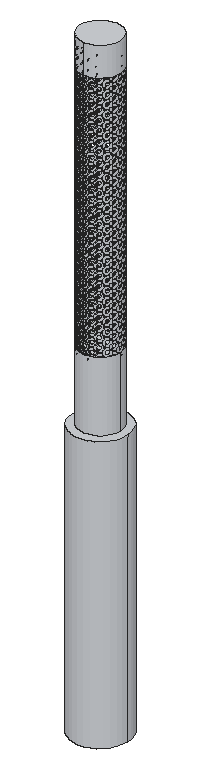
Revit family "MR_ОсветительныйПрибор_Ego_Боллард", category Осветительные приборы, Revit 2020
Family settings
  Размер круглого соединителя = Использовать диаметр
  Тип детали = Нормальный
  На основе рабочей плоскости = Да
  Всегда вертикально = Да
  При загрузке вырезать с полостями = Нет
  Источник света = Да
  Общий = Да
  Точка расчета площади = Нет
Parameters (values of type "Ego_Боллард_1900mm_4000k")
  built-in parameter 1150104 = 13.8 (stored number, unit not read)
  built-in parameter 1150134 = 12
  Файл фотометрической сетки = "P864674NCNW.ies"
  Tilt Angle = 90.00°
  built-in parameter 1150137 = (empty or 0)
  built-in parameter 1150132 = 2
  built-in parameter 1150114 = 1 (stored number, unit not read)
  Dimming Lamp Color Temperature Shift = (empty or 0)
  built-in parameter 1150105 = 1239.3 (stored number, unit not read)
  Color Filter = 16777215
  Lumens = 1609 lm
  Самосветящий материал = Источник света по умолчанию
  built-in parameter 1150109 = 1 (stored number, unit not read)
  built-in parameter 1150112 = 1 (stored number, unit not read)
  built-in parameter 1150110 = 1 (stored number, unit not read)
  built-in parameter 1150113 = 1 (stored number, unit not read)
  built-in parameter 1150115 = 1 (stored number, unit not read)
  built-in parameter 1114218 = 1 (stored number, unit not read)
  built-in parameter 1114217 = 1 (stored number, unit not read)
  Apparent Load = ADSK_Номинальная мощность / ADSK_Коэффициент мощности  # 13.2653 VA
  Default Elevation = 1219.2 mm
  built-in parameter 1150106 = 12.393 (stored number, unit not read)
  Описание = "Ego боллард"  # constant formula
  НижнийБлок = ADSK_Размер_Высота / 5  # 380 mm
  built-in parameter 1150133 = 10 (stored number, unit not read)
  Wattage = 10.832 W
  built-in parameter 1150139 = (empty or 0)
  Климатическая зона = "УХЛ1"  # constant formula
  Класс Защиты = "I"  # constant formula
  built-in parameter 1150138 = (empty or 0)
  built-in parameter 1150107 = 4000 (stored number, unit not read)
  built-in parameter 1150102 = (empty or 0)
  Emit from Circle Diameter = 30 mm
  Закладной элемент тип 5 370х370х400 = no
  Закладной элемент тип 1 L_500мм = no
  Закладной элемент тип 1 L_1500мм = yes
  Группа модели = "Ego"  # constant formula
  Видимая форма излучения при визуализации = yes
  Боллард_1900mm = yes
  IP Class = "IP65"  # constant formula
  ADSK_Этаж = ""
  ADSK_Ток = ADSK_Номинальная мощность / (ADSK_Коэффициент мощности * ADSK_Напряжение * sqrt(ADSK_Количество фаз числовое))  # 0.0576752 A
  ADSK_Размер_Высота = 1900 mm
  ADSK_Примечание = ""
  ADSK_Полная мощность = ADSK_Номинальная мощность / ADSK_Коэффициент мощности  # 13.2653 VA
  ADSK_Позиция = ""
  ADSK_Номинальная мощность = 13 W
  ADSK_Напряжение = 230 V
  ADSK_Наименование = "Ego_Боллард_1900mm_4000k"
  ADSK_Материал = none
  ADSK_Масса = 20
  ADSK_Марка = ""
  ADSK_Коэффициент мощности = 0.98
  ADSK_Количество фаз числовое = 1
  ADSK_Количество фаз = 1
  ADSK_Количество = 1  # constant formula
  ADSK_Код изделия = "P864674__NW"
  ADSK_Классификация нагрузок = Освещение
  ADSK_Завод-изготовитель = "MartiniRUS"  # constant formula
  ADSK_Единица измерения = "шт."  # constant formula
  ADSK_Группирование = "Наружное освещение_светильник"
  ADSK_URL страницы изделия = "https://martinirus.ru/products/outdoor/ego"
Types (5, lengths in mm): name | built-in parameter 1150134 | Файл фотометрической сетки | built-in parameter 1150105 | Lumens | built-in parameter 1150106 | НижнийБлок | Wattage | built-in parameter 1150107 | Закладной элемент тип 1 L_500мм | Закладной элемент тип 1 L_1500мм | Боллард_1900mm | ADSK_Размер_Высота | ADSK_Наименование | ADSK_Масса | ADSK_Код изделия
  (no name) | 12 | "P864674NCNW.ies" | 1239.3 (stored number, unit not read) | 1609 lm | 12.393 (stored number, unit not read) | 380 | 10.832 W | 4000 (stored number, unit not read) | no | yes | yes | 1900 | "Ego_Боллард_1900mm_4000k" | 20 | "P864674__NW"
  Ego_Боллард_1900mm_3000k | (empty or 0) | "P864674NCWW.ies" | 1239.3 (stored number, unit not read) | 1555 lm | 12.393 (stored number, unit not read) | 380 | 10.4684 W | 3000 (stored number, unit not read) | no | yes | yes | 1900 | "Ego_Боллард_1900mm_3000k" | 20 | "P864674__WW"
  Ego_Боллард_1900mm_4000k | 12 | "P864674NCNW.ies" | 1239.3 (stored number, unit not read) | 1609 lm | 12.393 (stored number, unit not read) | 380 | 10.832 W | 4000 (stored number, unit not read) | no | yes | yes | 1900 | "Ego_Боллард_1900mm_4000k" | 20 | "P864674__NW"
  Ego_Боллард_800mm_4000k | 12 | "P864687NCNW.ies" | 1239.3 (stored number, unit not read) | 1609 lm | 12.393 (stored number, unit not read) | 160 | 10.832 W | 4000 (stored number, unit not read) | yes | no | no | 800 | "Ego_Боллард_800mm_4000k" | 10 | "P864687__NW"
  Ego_Боллард_800mm_3000k | (empty or 0) | "P864687NCWW.ies" | 1197.7 (stored number, unit not read) | 1555 lm | 11.977 (stored number, unit not read) | 160 | 10.4684 W | 3000 (stored number, unit not read) | yes | no | no | 800 | "Ego_Боллард_800mm_3000k" | 10 | "P864687__WW"
Reference planes
  plane 1 "По центру (Вперед/Назад)": y = 0
  plane 2: z = 0
  plane 3 "По центру (Влево/Вправо)": x = 0
  plane 4: z = 1900
  plane 5 "отступ": z = 380
Forms (mm)
  Extrusion 1, solid, material <- "ADSK_Материал"
    sketch origin (0, 0, 0) x (1, 0, 0) y (0, 1, 0)
      loop
        circle (0, 0) r 109.5
    from 0 to 380
  Extrusion 2, solid, material <- "ADSK_Материал"
    sketch origin (0, 110.952, 1900) x (0, 1, 0) y (-1, 0, 0)
      loop
        circle (-110.952, 0) r 109.5
    from -157.502 to 0
Dimensions and locks
  "ADSK_Размер_Высота": plane 4 to level
  plane 4 to plane 2 = 1900 mm
  locked: plane 4 to imposter light at 203.749
  plane 5 "отступ" to level = 380 mm
  "НижнийБлок": plane 5 "отступ" to level
  aligned and locked: level to plane 2
  aligned and locked: plane 5 "отступ" to Extrusion 1
Automatic sketch dimensions
  plane 1 "По центру (Вперед/Назад)" to Extrusion 1 sketch curve = 0 mm
  Extrusion 1 sketch curve to plane 3 "По центру (Влево/Вправо)" = 0 mm
  plane 1 "По центру (Вперед/Назад)" to Extrusion 2 sketch curve = 0 mm
  Extrusion 2 sketch curve to plane 3 "По центру (Влево/Вправо)" = 0 mm
  radius of Extrusion 1 sketch curve = 109.5 mm
  radius of Extrusion 2 sketch curve = 109.5 mm
Nested families
  nested 1: "MR_Корпус_Ego_Формообразующее_Узор3" at (0, 0, 350), Узор <- "ADSK_Материал", type "MR_Корпус_Ego_Формообразующее_Узор3"
    with Узор none, Default Elevation 0 mm
  nested 2: "MR_Аксессуар_Закладные" at (0, 0, 0), ADSK_Позиция <- "ADSK_Позиция", visible <- "Закладной элемент тип 1 L_500мм", type "ЗакладнойЭлемент_тип1_H500mm"
    with ADSK_Позиция ""
  nested 3: "MR_Аксессуар_Закладные" at (0, 0, 0), ADSK_Позиция <- "ADSK_Позиция", visible <- "Закладной элемент тип 1 L_1500мм", type "ЗакладнойЭлемент_тип1_H1500mm"
    with ADSK_Позиция ""
  nested 4: "MR_Аксессуар_Закладные" at (0, 0, 0), ADSK_Позиция <- "ADSK_Позиция", visible <- "Закладной элемент тип 5 370х370х400", type "ЗакладнойЭлемент_тип5_370х370х400"
    with ADSK_Позиция ""
  nested 5: "MR_Корпус_Ego_Формообразующее_Узор3" at (0, 0, 850.599), Узор <- "ADSK_Материал", visible <- "Боллард_1900mm", type "MR_Корпус_Ego_Формообразующее_Узор3"
    with Узор none, Default Elevation 0 mm
  nested 6: "MR_Корпус_Ego_Формообразующее_Узор3" at (0, 0, 1357.209), Узор <- "ADSK_Материал", visible <- "Боллард_1900mm", type "MR_Корпус_Ego_Формообразующее_Узор3"
    with Узор none, Default Elevation 0 mm
Connectors
  electrical at (0, 0, 0), driven by "ADSK_Количество фаз", driven by "ADSK_Классификация нагрузок", driven by "ADSK_Напряжение", driven by "ADSK_Полная мощность", driven by "ADSK_Коэффициент мощности"
    settings: index 1, voltage 230 V, apparent load 0 VA, apparent load phase1 13.2653 VA, apparent load phase2 0 VA, apparent load phase3 0 VA, power factor 0.98, load classification "Освещение", number of poles 1, system type 31, power factor state 1, is connector primary yes, connector utility no, sub classification motor no, connector description ""
Definition of nested family "MR_Корпус_Ego_Формообразующее_Узор3"
  Parameters (values of type "MR_Корпус_Ego_Формообразующее_Узор3")
    Узор [instance] = none
    Default Elevation = 1219.2 mm
  Reference planes
    plane 1 "По центру (Вперед/Назад)": y = 0
    plane 2: z = 0
    plane 3 "По центру (Влево/Вправо)": x = 0
    plane 4: z = 500
  Forms (mm)
    Extrusion 1, solid, material <- "Узор"
      sketch origin (0, 0, 0) x (1, 0, 0) y (0, 0, 1)
        loop
          circle (0, 176.063) r 12.559
        loop
          circle (0, 176.063) r 21.559
        loop
          circle (0, 126.063) r 12.559
        loop
          circle (0, 126.063) r 21.559
        loop
          circle (0, 76.063) r 12.559
        loop
          circle (0, 76.063) r 21.559
        loop
          circle (0, 26.063) r 12.559
        loop
          circle (0, 26.063) r 21.559
        loop
          circle (0, 326.063) r 12.559
        loop
          circle (0, 326.063) r 21.559
        loop
          circle (0, 276.063) r 12.559
        loop
          circle (0, 276.063) r 21.559
        loop
          circle (0, 226.063) r 12.559
        loop
          circle (0, 226.063) r 21.559
        loop
          circle (0, 476.063) r 12.559
        loop
          circle (0, 476.063) r 21.559
        loop
          circle (0, 426.063) r 12.559
        loop
          circle (0, 426.063) r 21.559
        loop
          circle (0, 376.063) r 12.559
        loop
          circle (0, 376.063) r 21.559
      from 104.688 to 105.772
    Extrusion 2, solid, material <- "Узор"
      sketch origin (0, 0, 25) x (0.957078, -0.28983, 0) y (0, 0, 1)
        loop
          circle (0, 176.063) r 12.559
        loop
          circle (0, 176.063) r 21.559
        loop
          circle (0, 126.063) r 12.559
        loop
          circle (0, 126.063) r 21.559
        loop
          circle (0, 76.063) r 12.559
        loop
          circle (0, 76.063) r 21.559
        loop
          circle (0, 26.063) r 12.559
        loop
          circle (0, 26.063) r 21.559
        loop
          circle (0, 326.063) r 12.559
        loop
          circle (0, 326.063) r 21.559
        loop
          circle (0, 276.063) r 12.559
        loop
          circle (0, 276.063) r 21.559
        loop
          circle (0, 226.063) r 12.559
        loop
          circle (0, 226.063) r 21.559
        loop
          circle (0, 476.063) r 12.559
        loop
          circle (0, 476.063) r 21.559
        loop
          circle (0, 426.063) r 12.559
        loop
          circle (0, 426.063) r 21.559
        loop
          circle (0, 376.063) r 12.559
        loop
          circle (0, 376.063) r 21.559
      from 104.688 to 105.772
    Extrusion 3, solid, material <- "Узор"
      sketch origin (0, 0, 0) x (0.809017, -0.587785, 0) y (0, 0, 1)
        loop
          circle (0, 176.063) r 12.559
        loop
          circle (0, 176.063) r 21.559
        loop
          circle (0, 126.063) r 12.559
        loop
          circle (0, 126.063) r 21.559
        loop
          circle (0, 76.063) r 12.559
        loop
          circle (0, 76.063) r 21.559
        loop
          circle (0, 26.063) r 12.559
        loop
          circle (0, 26.063) r 21.559
        loop
          circle (0, 326.063) r 12.559
        loop
          circle (0, 326.063) r 21.559
        loop
          circle (0, 276.063) r 12.559
        loop
          circle (0, 276.063) r 21.559
        loop
          circle (0, 226.063) r 12.559
        loop
          circle (0, 226.063) r 21.559
        loop
          circle (0, 476.063) r 12.559
        loop
          circle (0, 476.063) r 21.559
        loop
          circle (0, 426.063) r 12.559
        loop
          circle (0, 426.063) r 21.559
        loop
          circle (0, 376.063) r 12.559
        loop
          circle (0, 376.063) r 21.559
      from 104.688 to 105.772
    Extrusion 4, solid, material <- "Узор"
      sketch origin (0, 0, 25) x (0.603935, -0.797034, 0) y (0, 0, 1)
        loop
          circle (0, 176.063) r 12.559
        loop
          circle (0, 176.063) r 21.559
        loop
          circle (0, 126.063) r 12.559
        loop
          circle (0, 126.063) r 21.559
        loop
          circle (0, 76.063) r 12.559
        loop
          circle (0, 76.063) r 21.559
        loop
          circle (0, 26.063) r 12.559
        loop
          circle (0, 26.063) r 21.559
        loop
          circle (0, 326.063) r 12.559
        loop
          circle (0, 326.063) r 21.559
        loop
          circle (0, 276.063) r 12.559
        loop
          circle (0, 276.063) r 21.559
        loop
          circle (0, 226.063) r 12.559
        loop
          circle (0, 226.063) r 21.559
        loop
          circle (0, 476.063) r 12.559
        loop
          circle (0, 476.063) r 21.559
        loop
          circle (0, 426.063) r 12.559
        loop
          circle (0, 426.063) r 21.559
        loop
          circle (0, 376.063) r 12.559
        loop
          circle (0, 376.063) r 21.559
      from 104.688 to 105.772
    Extrusion 5, solid, material <- "Узор"
      sketch origin (0, 0, 0) x (0.309017, -0.951057, 0) y (0, 0, 1)
        loop
          circle (0, 176.063) r 12.559
        loop
          circle (0, 176.063) r 21.559
        loop
          circle (0, 126.063) r 12.559
        loop
          circle (0, 126.063) r 21.559
        loop
          circle (0, 76.063) r 12.559
        loop
          circle (0, 76.063) r 21.559
        loop
          circle (0, 26.063) r 12.559
        loop
          circle (0, 26.063) r 21.559
        loop
          circle (0, 326.063) r 12.559
        loop
          circle (0, 326.063) r 21.559
        loop
          circle (0, 276.063) r 12.559
        loop
          circle (0, 276.063) r 21.559
        loop
          circle (0, 226.063) r 12.559
        loop
          circle (0, 226.063) r 21.559
        loop
          circle (0, 476.063) r 12.559
        loop
          circle (0, 476.063) r 21.559
        loop
          circle (0, 426.063) r 12.559
        loop
          circle (0, 426.063) r 21.559
        loop
          circle (0, 376.063) r 12.559
        loop
          circle (0, 376.063) r 21.559
      from 104.688 to 105.772
    Extrusion 6, solid, material <- "Узор"
      sketch origin (0, 0, 25) x (0.020109, -0.999798, 0) y (0, 0, 1)
        loop
          circle (0, 176.063) r 12.559
        loop
          circle (0, 176.063) r 21.559
        loop
          circle (0, 126.063) r 12.559
        loop
          circle (0, 126.063) r 21.559
        loop
          circle (0, 76.063) r 12.559
        loop
          circle (0, 76.063) r 21.559
        loop
          circle (0, 26.063) r 12.559
        loop
          circle (0, 26.063) r 21.559
        loop
          circle (0, 326.063) r 12.559
        loop
          circle (0, 326.063) r 21.559
        loop
          circle (0, 276.063) r 12.559
        loop
          circle (0, 276.063) r 21.559
        loop
          circle (0, 226.063) r 12.559
        loop
          circle (0, 226.063) r 21.559
        loop
          circle (0, 476.063) r 12.559
        loop
          circle (0, 476.063) r 21.559
        loop
          circle (0, 426.063) r 12.559
        loop
          circle (0, 426.063) r 21.559
        loop
          circle (0, 376.063) r 12.559
        loop
          circle (0, 376.063) r 21.559
      from 104.688 to 105.772
    Extrusion 7, solid, material <- "Узор"
      sketch origin (0, 0, 0) x (-0.309017, -0.951057, 0) y (0, 0, 1)
        loop
          circle (0, 176.063) r 12.559
        loop
          circle (0, 176.063) r 21.559
        loop
          circle (0, 126.063) r 12.559
        loop
          circle (0, 126.063) r 21.559
        loop
          circle (0, 76.063) r 12.559
        loop
          circle (0, 76.063) r 21.559
        loop
          circle (0, 26.063) r 12.559
        loop
          circle (0, 26.063) r 21.559
        loop
          circle (0, 326.063) r 12.559
        loop
          circle (0, 326.063) r 21.559
        loop
          circle (0, 276.063) r 12.559
        loop
          circle (0, 276.063) r 21.559
        loop
          circle (0, 226.063) r 12.559
        loop
          circle (0, 226.063) r 21.559
        loop
          circle (0, 476.063) r 12.559
        loop
          circle (0, 476.063) r 21.559
        loop
          circle (0, 426.063) r 12.559
        loop
          circle (0, 426.063) r 21.559
        loop
          circle (0, 376.063) r 12.559
        loop
          circle (0, 376.063) r 21.559
      from 104.688 to 105.772
    Extrusion 8, solid, material <- "Узор"
      sketch origin (0, 0, 25) x (-0.571398, -0.820673, 0) y (0, 0, 1)
        loop
          circle (0, 176.063) r 12.559
        loop
          circle (0, 176.063) r 21.559
        loop
          circle (0, 126.063) r 12.559
        loop
          circle (0, 126.063) r 21.559
        loop
          circle (0, 76.063) r 12.559
        loop
          circle (0, 76.063) r 21.559
        loop
          circle (0, 26.063) r 12.559
        loop
          circle (0, 26.063) r 21.559
        loop
          circle (0, 326.063) r 12.559
        loop
          circle (0, 326.063) r 21.559
        loop
          circle (0, 276.063) r 12.559
        loop
          circle (0, 276.063) r 21.559
        loop
          circle (0, 226.063) r 12.559
        loop
          circle (0, 226.063) r 21.559
        loop
          circle (0, 476.063) r 12.559
        loop
          circle (0, 476.063) r 21.559
        loop
          circle (0, 426.063) r 12.559
        loop
          circle (0, 426.063) r 21.559
        loop
          circle (0, 376.063) r 12.559
        loop
          circle (0, 376.063) r 21.559
      from 104.688 to 105.772
    Extrusion 9, solid, material <- "Узор"
      sketch origin (0, 0, 0) x (-0.809017, -0.587785, 0) y (0, 0, 1)
        loop
          circle (0, 176.063) r 12.559
        loop
          circle (0, 176.063) r 21.559
        loop
          circle (0, 126.063) r 12.559
        loop
          circle (0, 126.063) r 21.559
        loop
          circle (0, 76.063) r 12.559
        loop
          circle (0, 76.063) r 21.559
        loop
          circle (0, 26.063) r 12.559
        loop
          circle (0, 26.063) r 21.559
        loop
          circle (0, 326.063) r 12.559
        loop
          circle (0, 326.063) r 21.559
        loop
          circle (0, 276.063) r 12.559
        loop
          circle (0, 276.063) r 21.559
        loop
          circle (0, 226.063) r 12.559
        loop
          circle (0, 226.063) r 21.559
        loop
          circle (0, 476.063) r 12.559
        loop
          circle (0, 476.063) r 21.559
        loop
          circle (0, 426.063) r 12.559
        loop
          circle (0, 426.063) r 21.559
        loop
          circle (0, 376.063) r 12.559
        loop
          circle (0, 376.063) r 21.559
      from 104.688 to 105.772
    Extrusion 10, solid, material <- "Узор"
      sketch origin (0, 0, 25) x (-0.94465, -0.328079, 0) y (0, 0, 1)
        loop
          circle (0, 176.063) r 12.559
        loop
          circle (0, 176.063) r 21.559
        loop
          circle (0, 126.063) r 12.559
        loop
          circle (0, 126.063) r 21.559
        loop
          circle (0, 76.063) r 12.559
        loop
          circle (0, 76.063) r 21.559
        loop
          circle (0, 26.063) r 12.559
        loop
          circle (0, 26.063) r 21.559
        loop
          circle (0, 326.063) r 12.559
        loop
          circle (0, 326.063) r 21.559
        loop
          circle (0, 276.063) r 12.559
        loop
          circle (0, 276.063) r 21.559
        loop
          circle (0, 226.063) r 12.559
        loop
          circle (0, 226.063) r 21.559
        loop
          circle (0, 476.063) r 12.559
        loop
          circle (0, 476.063) r 21.559
        loop
          circle (0, 426.063) r 12.559
        loop
          circle (0, 426.063) r 21.559
        loop
          circle (0, 376.063) r 12.559
        loop
          circle (0, 376.063) r 21.559
      from 104.688 to 105.772
    Extrusion 11, solid, material <- "Узор"
      sketch origin (0, 0, 0) x (-1, 0, 0) y (0, 0, 1)
        loop
          circle (0, 176.063) r 12.559
        loop
          circle (0, 176.063) r 21.559
        loop
          circle (0, 126.063) r 12.559
        loop
          circle (0, 126.063) r 21.559
        loop
          circle (0, 76.063) r 12.559
        loop
          circle (0, 76.063) r 21.559
        loop
          circle (0, 26.063) r 12.559
        loop
          circle (0, 26.063) r 21.559
        loop
          circle (0, 326.063) r 12.559
        loop
          circle (0, 326.063) r 21.559
        loop
          circle (0, 276.063) r 12.559
        loop
          circle (0, 276.063) r 21.559
        loop
          circle (0, 226.063) r 12.559
        loop
          circle (0, 226.063) r 21.559
        loop
          circle (0, 476.063) r 12.559
        loop
          circle (0, 476.063) r 21.559
        loop
          circle (0, 426.063) r 12.559
        loop
          circle (0, 426.063) r 21.559
        loop
          circle (0, 376.063) r 12.559
        loop
          circle (0, 376.063) r 21.559
      from 104.688 to 105.772
    Extrusion 12, solid, material <- "Узор"
      sketch origin (0, 0, 25) x (-0.957078, 0.28983, 0) y (0, 0, 1)
        loop
          circle (0, 176.063) r 12.559
        loop
          circle (0, 176.063) r 21.559
        loop
          circle (0, 126.063) r 12.559
        loop
          circle (0, 126.063) r 21.559
        loop
          circle (0, 76.063) r 12.559
        loop
          circle (0, 76.063) r 21.559
        loop
          circle (0, 26.063) r 12.559
        loop
          circle (0, 26.063) r 21.559
        loop
          circle (0, 326.063) r 12.559
        loop
          circle (0, 326.063) r 21.559
        loop
          circle (0, 276.063) r 12.559
        loop
          circle (0, 276.063) r 21.559
        loop
          circle (0, 226.063) r 12.559
        loop
          circle (0, 226.063) r 21.559
        loop
          circle (0, 476.063) r 12.559
        loop
          circle (0, 476.063) r 21.559
        loop
          circle (0, 426.063) r 12.559
        loop
          circle (0, 426.063) r 21.559
        loop
          circle (0, 376.063) r 12.559
        loop
          circle (0, 376.063) r 21.559
      from 104.688 to 105.772
    Extrusion 13, solid, material <- "Узор"
      sketch origin (0, 0, 0) x (-0.809017, 0.587785, 0) y (0, 0, 1)
        loop
          circle (0, 176.063) r 12.559
        loop
          circle (0, 176.063) r 21.559
        loop
          circle (0, 126.063) r 12.559
        loop
          circle (0, 126.063) r 21.559
        loop
          circle (0, 76.063) r 12.559
        loop
          circle (0, 76.063) r 21.559
        loop
          circle (0, 26.063) r 12.559
        loop
          circle (0, 26.063) r 21.559
        loop
          circle (0, 326.063) r 12.559
        loop
          circle (0, 326.063) r 21.559
        loop
          circle (0, 276.063) r 12.559
        loop
          circle (0, 276.063) r 21.559
        loop
          circle (0, 226.063) r 12.559
        loop
          circle (0, 226.063) r 21.559
        loop
          circle (0, 476.063) r 12.559
        loop
          circle (0, 476.063) r 21.559
        loop
          circle (0, 426.063) r 12.559
        loop
          circle (0, 426.063) r 21.559
        loop
          circle (0, 376.063) r 12.559
        loop
          circle (0, 376.063) r 21.559
      from 104.688 to 105.772
    Extrusion 14, solid, material <- "Узор"
      sketch origin (0, 0, 25) x (-0.603935, 0.797034, 0) y (0, 0, 1)
        loop
          circle (0, 176.063) r 12.559
        loop
          circle (0, 176.063) r 21.559
        loop
          circle (0, 126.063) r 12.559
        loop
          circle (0, 126.063) r 21.559
        loop
          circle (0, 76.063) r 12.559
        loop
          circle (0, 76.063) r 21.559
        loop
          circle (0, 26.063) r 12.559
        loop
          circle (0, 26.063) r 21.559
        loop
          circle (0, 326.063) r 12.559
        loop
          circle (0, 326.063) r 21.559
        loop
          circle (0, 276.063) r 12.559
        loop
          circle (0, 276.063) r 21.559
        loop
          circle (0, 226.063) r 12.559
        loop
          circle (0, 226.063) r 21.559
        loop
          circle (0, 476.063) r 12.559
        loop
          circle (0, 476.063) r 21.559
        loop
          circle (0, 426.063) r 12.559
        loop
          circle (0, 426.063) r 21.559
        loop
          circle (0, 376.063) r 12.559
        loop
          circle (0, 376.063) r 21.559
      from 104.688 to 105.772
    Extrusion 15, solid, material <- "Узор"
      sketch origin (0, 0, 0) x (-0.309017, 0.951057, 0) y (0, 0, 1)
        loop
          circle (0, 176.063) r 12.559
        loop
          circle (0, 176.063) r 21.559
        loop
          circle (0, 126.063) r 12.559
        loop
          circle (0, 126.063) r 21.559
        loop
          circle (0, 76.063) r 12.559
        loop
          circle (0, 76.063) r 21.559
        loop
          circle (0, 26.063) r 12.559
        loop
          circle (0, 26.063) r 21.559
        loop
          circle (0, 326.063) r 12.559
        loop
          circle (0, 326.063) r 21.559
        loop
          circle (0, 276.063) r 12.559
        loop
          circle (0, 276.063) r 21.559
        loop
          circle (0, 226.063) r 12.559
        loop
          circle (0, 226.063) r 21.559
        loop
          circle (0, 476.063) r 12.559
        loop
          circle (0, 476.063) r 21.559
        loop
          circle (0, 426.063) r 12.559
        loop
          circle (0, 426.063) r 21.559
        loop
          circle (0, 376.063) r 12.559
        loop
          circle (0, 376.063) r 21.559
      from 104.688 to 105.772
    Extrusion 16, solid, material <- "Узор"
      sketch origin (0, 0, 25) x (-0.020109, 0.999798, 0) y (0, 0, 1)
        loop
          circle (0, 176.063) r 12.559
        loop
          circle (0, 176.063) r 21.559
        loop
          circle (0, 126.063) r 12.559
        loop
          circle (0, 126.063) r 21.559
        loop
          circle (0, 76.063) r 12.559
        loop
          circle (0, 76.063) r 21.559
        loop
          circle (0, 26.063) r 12.559
        loop
          circle (0, 26.063) r 21.559
        loop
          circle (0, 326.063) r 12.559
        loop
          circle (0, 326.063) r 21.559
        loop
          circle (0, 276.063) r 12.559
        loop
          circle (0, 276.063) r 21.559
        loop
          circle (0, 226.063) r 12.559
        loop
          circle (0, 226.063) r 21.559
        loop
          circle (0, 476.063) r 12.559
        loop
          circle (0, 476.063) r 21.559
        loop
          circle (0, 426.063) r 12.559
        loop
          circle (0, 426.063) r 21.559
        loop
          circle (0, 376.063) r 12.559
        loop
          circle (0, 376.063) r 21.559
      from 104.688 to 105.772
    Extrusion 17, solid, material <- "Узор"
      sketch origin (0, 0, 0) x (0.309017, 0.951057, 0) y (0, 0, 1)
        loop
          circle (0, 176.063) r 12.559
        loop
          circle (0, 176.063) r 21.559
        loop
          circle (0, 126.063) r 12.559
        loop
          circle (0, 126.063) r 21.559
        loop
          circle (0, 76.063) r 12.559
        loop
          circle (0, 76.063) r 21.559
        loop
          circle (0, 26.063) r 12.559
        loop
          circle (0, 26.063) r 21.559
        loop
          circle (0, 326.063) r 12.559
        loop
          circle (0, 326.063) r 21.559
        loop
          circle (0, 276.063) r 12.559
        loop
          circle (0, 276.063) r 21.559
        loop
          circle (0, 226.063) r 12.559
        loop
          circle (0, 226.063) r 21.559
        loop
          circle (0, 476.063) r 12.559
        loop
          circle (0, 476.063) r 21.559
        loop
          circle (0, 426.063) r 12.559
        loop
          circle (0, 426.063) r 21.559
        loop
          circle (0, 376.063) r 12.559
        loop
          circle (0, 376.063) r 21.559
      from 104.688 to 105.772
    Extrusion 18, solid, material <- "Узор"
      sketch origin (0, 0, 25) x (0.571398, 0.820673, 0) y (0, 0, 1)
        loop
          circle (0, 176.063) r 12.559
        loop
          circle (0, 176.063) r 21.559
        loop
          circle (0, 126.063) r 12.559
        loop
          circle (0, 126.063) r 21.559
        loop
          circle (0, 76.063) r 12.559
        loop
          circle (0, 76.063) r 21.559
        loop
          circle (0, 26.063) r 12.559
        loop
          circle (0, 26.063) r 21.559
        loop
          circle (0, 326.063) r 12.559
        loop
          circle (0, 326.063) r 21.559
        loop
          circle (0, 276.063) r 12.559
        loop
          circle (0, 276.063) r 21.559
        loop
          circle (0, 226.063) r 12.559
        loop
          circle (0, 226.063) r 21.559
        loop
          circle (0, 476.063) r 12.559
        loop
          circle (0, 476.063) r 21.559
        loop
          circle (0, 426.063) r 12.559
        loop
          circle (0, 426.063) r 21.559
        loop
          circle (0, 376.063) r 12.559
        loop
          circle (0, 376.063) r 21.559
      from 104.688 to 105.772
    Extrusion 19, solid, material <- "Узор"
      sketch origin (0, 0, 0) x (0.809017, 0.587785, 0) y (0, 0, 1)
        loop
          circle (0, 176.063) r 12.559
        loop
          circle (0, 176.063) r 21.559
        loop
          circle (0, 126.063) r 12.559
        loop
          circle (0, 126.063) r 21.559
        loop
          circle (0, 76.063) r 12.559
        loop
          circle (0, 76.063) r 21.559
        loop
          circle (0, 26.063) r 12.559
        loop
          circle (0, 26.063) r 21.559
        loop
          circle (0, 326.063) r 12.559
        loop
          circle (0, 326.063) r 21.559
        loop
          circle (0, 276.063) r 12.559
        loop
          circle (0, 276.063) r 21.559
        loop
          circle (0, 226.063) r 12.559
        loop
          circle (0, 226.063) r 21.559
        loop
          circle (0, 476.063) r 12.559
        loop
          circle (0, 476.063) r 21.559
        loop
          circle (0, 426.063) r 12.559
        loop
          circle (0, 426.063) r 21.559
        loop
          circle (0, 376.063) r 12.559
        loop
          circle (0, 376.063) r 21.559
      from 104.688 to 105.772
    Extrusion 20, solid, material <- "Узор"
      sketch origin (0, 0, 25) x (0.94465, 0.328079, 0) y (0, 0, 1)
        loop
          circle (0, 176.063) r 12.559
        loop
          circle (0, 176.063) r 21.559
        loop
          circle (0, 126.063) r 12.559
        loop
          circle (0, 126.063) r 21.559
        loop
          circle (0, 76.063) r 12.559
        loop
          circle (0, 76.063) r 21.559
        loop
          circle (0, 26.063) r 12.559
        loop
          circle (0, 26.063) r 21.559
        loop
          circle (0, 326.063) r 12.559
        loop
          circle (0, 326.063) r 21.559
        loop
          circle (0, 276.063) r 12.559
        loop
          circle (0, 276.063) r 21.559
        loop
          circle (0, 226.063) r 12.559
        loop
          circle (0, 226.063) r 21.559
        loop
          circle (0, 476.063) r 12.559
        loop
          circle (0, 476.063) r 21.559
        loop
          circle (0, 426.063) r 12.559
        loop
          circle (0, 426.063) r 21.559
        loop
          circle (0, 376.063) r 12.559
        loop
          circle (0, 376.063) r 21.559
      from 104.688 to 105.772
  Cuts and joins
    joined: Extrusion 9, Extrusion 11
  Lines and regions (mm)
    reference lines
      curve 1: circle (0, 0, 0) r 108 normal (0, 0, 1)
  Dimensions and locks
    aligned and locked: level to plane 2
Definition of nested family "MR_Аксессуар_Закладные"
  Parameters (values of type "ЗакладнойЭлемент_тип6_1300х1300х300")
    Тип_6_1300х1300х300 = yes
    Тип_5_200х200х400 = no
    Тип_5 370х370400 = no
    Тип_4_H_1500mm = no
    Тип_3_H_1500mm = no
    Тип_3_H_1000mm = no
    Тип_2_H_700mm = no
    Тип_1_H_1500mm = no
    Тип_1_H_500mm = no
    Тип_1_H_250mm = no
    Default Elevation = 1219.2 mm
    Description = "Закладная"  # constant formula
    Model = "Закладная"  # constant formula
    ADSK_Этаж = ""
    ADSK_Примечание = ""
    ADSK_Позиция [instance] = ""
    ADSK_Наименование = "ЗакладнойЭлемент_тип6_1300х1300х300"
    ADSK_Материал = none
    ADSK_Масса = 0
    ADSK_Марка = ""
    ADSK_Количество = 1
    ADSK_Код изделия = "P26445000"
    ADSK_Завод-изготовитель = "MartiniRUS"  # constant formula
    ADSK_Единица измерения = "шт."  # constant formula
    ADSK_Группирование = "Наружное освещение_аксессуар"
    ADSK_URL страницы изделия = "https://martinirus.ru/"
  Types (11, lengths in mm): name | Тип_6_1300х1300х300 | Тип_5_200х200х400 | Тип_5 370х370400 | Тип_4_H_1500mm | Тип_3_H_1500mm | Тип_3_H_1000mm | Тип_2_H_700mm | Тип_1_H_1500mm | Тип_1_H_500mm | Тип_1_H_250mm | ADSK_Наименование | ADSK_Код изделия
    (no name) | yes | no | no | no | no | no | no | no | no | no | "ЗакладнойЭлемент_тип6_1300х1300х300" | "P26445000"
    ЗакладнойЭлемент_тип1_H250mm | no | no | no | no | no | no | no | no | no | yes | "ЗакладнойЭлемент_тип1_H250mm" | "P26570500"
    ЗакладнойЭлемент_тип1_H500mm | no | no | no | no | no | no | no | no | yes | no | "ЗакладнойЭлемент_тип1_H500mm" | "P26565800"
    ЗакладнойЭлемент_тип1_H1500mm | no | no | no | no | no | no | no | yes | no | no | "ЗакладнойЭлемент_тип1_H1500mm" | "P26563000"
    ЗакладнойЭлемент_тип2_H700mm | no | no | no | no | no | no | yes | no | no | no | "ЗакладнойЭлемент_тип2_H700mm" | "P26464800"
    ЗакладнойЭлемент_тип3_H1000mm | no | no | no | no | no | yes | no | no | no | no | "ЗакладнойЭлемент_тип3_H1000mm" | "P86564900"
    ЗакладнойЭлемент_тип3_H1500mm | no | no | no | no | yes | no | no | no | no | no | "ЗакладнойЭлемент_тип3_H1500mm" | "P86565000"
    ЗакладнойЭлемент_тип4_H1500mm | no | no | no | yes | no | no | no | no | no | no | "ЗакладнойЭлемент_тип4_H1500mm" | "P26444900"
    ЗакладнойЭлемент_тип5_200х200х400 | no | yes | no | no | no | no | no | no | no | no | "ЗакладнойЭлемент_тип5_200х200х400" | "P26566000"
    ЗакладнойЭлемент_тип5_370х370х400 | no | no | yes | no | no | no | no | no | no | no | "ЗакладнойЭлемент_тип5_370х370х400" | "P26563100"
    ЗакладнойЭлемент_тип6_1300х1300х300 | yes | no | no | no | no | no | no | no | no | no | "ЗакладнойЭлемент_тип6_1300х1300х300" | "P26445000"
  Reference planes
    plane 1 "По центру (Вперед/Назад)": y = 0
    plane 2: z = 0
    plane 3 "По центру (Влево/Вправо)": x = 0
  Forms (mm)
    Extrusion 1, solid, visible <- "Тип_1_H_250mm"
      sketch origin (0, 0, 0) x (1, 0, 0) y (0, 1, 0)
        loop
          circle (0, 0) r 150
      from -5.959 to -250
    Extrusion 2, solid, visible <- "Тип_1_H_500mm"
      sketch origin (0, 0, 0) x (1, 0, 0) y (0, 1, 0)
        loop
          circle (0, 0) r 150
      from -5.959 to -500
    Extrusion 3, solid, visible <- "Тип_1_H_1500mm"
      sketch origin (0, 0, 0) x (1, 0, 0) y (0, 1, 0)
        loop
          circle (0, 0) r 150
      from -5.959 to -1500
    Extrusion 4, solid, visible <- "Тип_2_H_700mm"
      sketch origin (0, 0, 0) x (1, 0, 0) y (0, 1, 0)
        loop
          circle (0, 0) r 230
      from -5.959 to -700
    Extrusion 5, solid, visible <- "Тип_3_H_1500mm"
      sketch origin (0, 0, 0) x (1, 0, 0) y (0, 1, 0)
        loop
          circle (0, 0) r 100
      from -5.959 to -1500
    Extrusion 6, solid, visible <- "Тип_3_H_1000mm"
      sketch origin (0, 0, 0) x (1, 0, 0) y (0, 1, 0)
        loop
          circle (0, 0) r 100
      from -5.959 to -1000
    Extrusion 7, solid, visible <- "Тип_4_H_1500mm"
      sketch origin (0, 0, 0) x (1, 0, 0) y (0, 1, 0)
        loop
          circle (0, 0) r 175
      from -5.959 to -1500
    Extrusion 8, solid, visible <- "Тип_5_200х200х400"
      sketch origin (0, 0, 0) x (1, 0, 0) y (0, 1, 0)
        loop
          line (-200, 200) -> (-200, -200) -> (200, -200) -> (200, 200) -> (-200, 200)
      from -400 to -5.959
    Extrusion 9, solid, visible <- "Тип_5 370х370400"
      sketch origin (0, 0, 0) x (1, 0, 0) y (0, 1, 0)
        loop
          line (-200, 200) -> (-200, -200) -> (200, -200) -> (200, 200) -> (-200, 200)
      from -400 to -5.959
    Extrusion 10, solid, visible <- "Тип_6_1300х1300х300"
      sketch origin (0, 0, 0) x (1, 0, 0) y (0, 1, 0)
        loop
          line (-750, 750) -> (-750, -750) -> (750, -750) -> (750, 750) -> (-750, 750)
      from -250 to -5.959
  Dimensions and locks
    aligned and locked: level to plane 2
